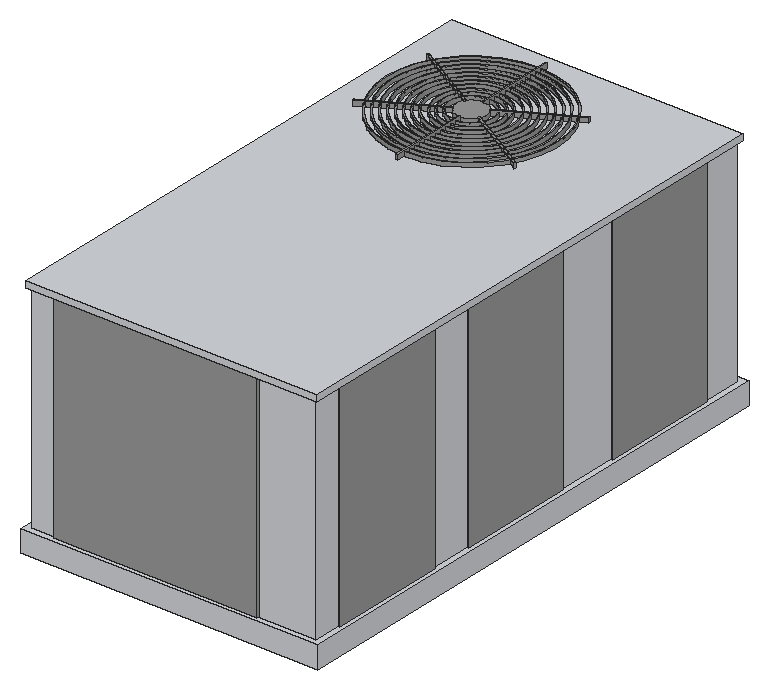
Revit family "RTU-2", category Mechanical Equipment, host Face, Revit 2025 (continued)
Definition of nested family "Family1"
  Automatic sketch dimensions
    Extrusion 16 sketch curve to Extrusion 16 sketch curve = 1.06726"
    Extrusion 16 sketch curve to Extrusion 16 sketch curve = 0"
    Extrusion 17 sketch curve to plane 39 = 0"
    Extrusion 17 sketch curve to plane 40 = 0"  (x2)
    Extrusion 17 sketch curve to plane 39 = 0.18274"
    Extrusion 17 sketch curve to Extrusion 17 sketch curve = 0.06651"  (x2)
    plane 40 to Extrusion 17 sketch curve = 0.45496"
    Extrusion 17 sketch curve to plane 40 = 0.38845"
    Extrusion 17 sketch curve to Extrusion 17 sketch curve = 1.06726"
    Extrusion 17 sketch curve to Extrusion 17 sketch curve = 0"
    Extrusion 18 sketch curve to plane 41 = 0"
    Extrusion 18 sketch curve to plane 42 = 0"  (x2)
    Extrusion 18 sketch curve to plane 41 = 0.18274"
    Extrusion 18 sketch curve to Extrusion 18 sketch curve = 0.06651"  (x2)
    plane 42 to Extrusion 18 sketch curve = 0.45496"
    Extrusion 18 sketch curve to plane 42 = 0.38845"
    Extrusion 18 sketch curve to Extrusion 18 sketch curve = 1.06726"
    Extrusion 18 sketch curve to Extrusion 18 sketch curve = 0"
    Extrusion 19 sketch curve to plane 43 = 0"
    Extrusion 19 sketch curve to plane 44 = 0"  (x2)
    Extrusion 19 sketch curve to plane 43 = 0.18274"
    Extrusion 19 sketch curve to Extrusion 19 sketch curve = 0.06651"  (x2)
    plane 44 to Extrusion 19 sketch curve = 0.45496"
    Extrusion 19 sketch curve to plane 44 = 0.38845"
    Extrusion 19 sketch curve to Extrusion 19 sketch curve = 1.06726"
    Extrusion 19 sketch curve to Extrusion 19 sketch curve = 0"
    Extrusion 20 sketch curve to plane 45 = 0"
    Extrusion 20 sketch curve to plane 46 = 0"  (x2)
    Extrusion 20 sketch curve to plane 45 = 0.18274"
    Extrusion 20 sketch curve to Extrusion 20 sketch curve = 0.06651"  (x2)
    plane 46 to Extrusion 20 sketch curve = 0.45496"
    Extrusion 20 sketch curve to plane 46 = 0.38845"
    Extrusion 20 sketch curve to Extrusion 20 sketch curve = 1.06726"
    Extrusion 20 sketch curve to Extrusion 20 sketch curve = 0"
    Extrusion 21 sketch curve to plane 47 = 0"
    Extrusion 21 sketch curve to plane 48 = 0"  (x2)
    Extrusion 21 sketch curve to plane 47 = 0.18274"
    Extrusion 21 sketch curve to Extrusion 21 sketch curve = 0.06651"  (x2)
    plane 48 to Extrusion 21 sketch curve = 0.45496"
    Extrusion 21 sketch curve to plane 48 = 0.38845"
    Extrusion 21 sketch curve to Extrusion 21 sketch curve = 1.06726"
    Extrusion 21 sketch curve to Extrusion 21 sketch curve = 0"
    Extrusion 22 sketch curve to plane 49 = 0"
    Extrusion 22 sketch curve to plane 50 = 0"  (x2)
    Extrusion 22 sketch curve to plane 49 = 0.18274"
    Extrusion 22 sketch curve to Extrusion 22 sketch curve = 0.06651"  (x2)
    plane 50 to Extrusion 22 sketch curve = 0.45496"
    Extrusion 22 sketch curve to plane 50 = 0.38845"
    Extrusion 22 sketch curve to Extrusion 22 sketch curve = 1.06726"
    Extrusion 22 sketch curve to Extrusion 22 sketch curve = 0"
    Extrusion 23 sketch curve to plane 51 = 0"
    Extrusion 23 sketch curve to plane 52 = 0"  (x2)
    Extrusion 23 sketch curve to plane 51 = 0.18274"
    Extrusion 23 sketch curve to Extrusion 23 sketch curve = 0.06651"  (x2)
    plane 52 to Extrusion 23 sketch curve = 0.45496"
    Extrusion 23 sketch curve to plane 52 = 0.38845"
    Extrusion 23 sketch curve to Extrusion 23 sketch curve = 1.06726"
    Extrusion 23 sketch curve to Extrusion 23 sketch curve = 0"
    Extrusion 24 sketch curve to plane 53 = 0"
    Extrusion 24 sketch curve to plane 54 = 0"  (x2)
    Extrusion 24 sketch curve to plane 53 = 0.18274"
    Extrusion 24 sketch curve to Extrusion 24 sketch curve = 0.06651"  (x2)
    plane 54 to Extrusion 24 sketch curve = 0.45496"
    Extrusion 24 sketch curve to plane 54 = 0.38845"
    Extrusion 24 sketch curve to Extrusion 24 sketch curve = 1.06726"
    Extrusion 24 sketch curve to Extrusion 24 sketch curve = 0"
    Extrusion 25 sketch curve to plane 55 = 0"
    Extrusion 25 sketch curve to plane 56 = 0"  (x2)
    Extrusion 25 sketch curve to plane 55 = 0.18274"
    Extrusion 25 sketch curve to Extrusion 25 sketch curve = 0.06651"  (x2)
    plane 56 to Extrusion 25 sketch curve = 0.45496"
    Extrusion 25 sketch curve to plane 56 = 0.38845"
    Extrusion 25 sketch curve to Extrusion 25 sketch curve = 1.06726"
    Extrusion 25 sketch curve to Extrusion 25 sketch curve = 0"
    Extrusion 26 sketch curve to plane 57 = 0"
    Extrusion 26 sketch curve to plane 58 = 0"  (x2)
    Extrusion 26 sketch curve to plane 57 = 0.18274"
    Extrusion 26 sketch curve to Extrusion 26 sketch curve = 0.06651"  (x2)
    plane 58 to Extrusion 26 sketch curve = 0.45496"
    Extrusion 26 sketch curve to plane 58 = 0.38845"
    Extrusion 26 sketch curve to Extrusion 26 sketch curve = 1.06726"
    Extrusion 26 sketch curve to Extrusion 26 sketch curve = 0"
    Extrusion 27 sketch curve to plane 59 = 0"
    Extrusion 27 sketch curve to plane 60 = 0"  (x2)
    Extrusion 27 sketch curve to plane 59 = 0.18274"
    Extrusion 27 sketch curve to Extrusion 27 sketch curve = 0.06651"  (x2)
    plane 60 to Extrusion 27 sketch curve = 0.45496"
    Extrusion 27 sketch curve to plane 60 = 0.38845"
    Extrusion 27 sketch curve to Extrusion 27 sketch curve = 1.06726"
    Extrusion 27 sketch curve to Extrusion 27 sketch curve = 0"
    Extrusion 28 sketch curve to plane 61 = 0"
    Extrusion 28 sketch curve to plane 62 = 0"  (x2)
    Extrusion 28 sketch curve to plane 61 = 0.18274"
    Extrusion 28 sketch curve to Extrusion 28 sketch curve = 0.06651"  (x2)
    plane 62 to Extrusion 28 sketch curve = 0.45496"
    Extrusion 28 sketch curve to plane 62 = 0.38845"
    Extrusion 28 sketch curve to Extrusion 28 sketch curve = 1.06726"
    Extrusion 28 sketch curve to Extrusion 28 sketch curve = 0"
    Extrusion 29 sketch curve to plane 63 = 0"
    Extrusion 29 sketch curve to plane 64 = 0"  (x2)
    Extrusion 29 sketch curve to plane 63 = 0.18274"
    Extrusion 29 sketch curve to Extrusion 29 sketch curve = 0.06651"  (x2)
    plane 64 to Extrusion 29 sketch curve = 0.45496"
    Extrusion 29 sketch curve to plane 64 = 0.38845"
    Extrusion 29 sketch curve to Extrusion 29 sketch curve = 1.06726"
    Extrusion 29 sketch curve to Extrusion 29 sketch curve = 0"
    Extrusion 30 sketch curve to plane 65 = 0"
    Extrusion 30 sketch curve to plane 66 = 0"  (x2)
    Extrusion 30 sketch curve to plane 65 = 0.18274"
    Extrusion 30 sketch curve to Extrusion 30 sketch curve = 0.06651"  (x2)
    plane 66 to Extrusion 30 sketch curve = 0.45496"
    Extrusion 30 sketch curve to plane 66 = 0.38845"
    Extrusion 30 sketch curve to Extrusion 30 sketch curve = 1.06726"
    Extrusion 30 sketch curve to Extrusion 30 sketch curve = 0"
    Extrusion 31 sketch curve to plane 67 = 0"
    Extrusion 31 sketch curve to plane 68 = 0"  (x2)
    Extrusion 31 sketch curve to plane 67 = 0.18274"
    Extrusion 31 sketch curve to Extrusion 31 sketch curve = 0.06651"  (x2)
    plane 68 to Extrusion 31 sketch curve = 0.45496"
    Extrusion 31 sketch curve to plane 68 = 0.38845"
    Extrusion 31 sketch curve to Extrusion 31 sketch curve = 1.06726"
    Extrusion 31 sketch curve to Extrusion 31 sketch curve = 0"
    Extrusion 32 sketch curve to plane 69 = 0"
    Extrusion 32 sketch curve to plane 70 = 0"  (x2)
    Extrusion 32 sketch curve to plane 69 = 0.18274"
    Extrusion 32 sketch curve to Extrusion 32 sketch curve = 0.06651"  (x2)
    plane 70 to Extrusion 32 sketch curve = 0.45496"
    Extrusion 32 sketch curve to plane 70 = 0.38845"
    Extrusion 32 sketch curve to Extrusion 32 sketch curve = 1.06726"
    Extrusion 32 sketch curve to Extrusion 32 sketch curve = 0"
    Extrusion 33 sketch curve to plane 71 = 0"
    Extrusion 33 sketch curve to plane 72 = 0"  (x2)
    Extrusion 33 sketch curve to plane 71 = 0.18274"
    Extrusion 33 sketch curve to Extrusion 33 sketch curve = 0.06651"  (x2)
    plane 72 to Extrusion 33 sketch curve = 0.45496"
    Extrusion 33 sketch curve to plane 72 = 0.38845"
    Extrusion 33 sketch curve to Extrusion 33 sketch curve = 1.06726"
    Extrusion 33 sketch curve to Extrusion 33 sketch curve = 0"
    Extrusion 34 sketch curve to plane 73 = 0"
    Extrusion 34 sketch curve to plane 74 = 0"  (x2)
    Extrusion 34 sketch curve to plane 73 = 0.18274"
    Extrusion 34 sketch curve to Extrusion 34 sketch curve = 0.06651"  (x2)
    plane 74 to Extrusion 34 sketch curve = 0.45496"
    Extrusion 34 sketch curve to plane 74 = 0.38845"
    Extrusion 34 sketch curve to Extrusion 34 sketch curve = 1.06726"
    Extrusion 34 sketch curve to Extrusion 34 sketch curve = 0"
    Extrusion 35 sketch curve to plane 75 = 0"
    Extrusion 35 sketch curve to plane 76 = 0"  (x2)
    Extrusion 35 sketch curve to plane 75 = 0.18274"
    Extrusion 35 sketch curve to Extrusion 35 sketch curve = 0.06651"  (x2)
    plane 76 to Extrusion 35 sketch curve = 0.45496"
    Extrusion 35 sketch curve to plane 76 = 0.38845"
    Extrusion 35 sketch curve to Extrusion 35 sketch curve = 1.06726"
    Extrusion 35 sketch curve to Extrusion 35 sketch curve = 0"
    Extrusion 36 sketch curve to plane 77 = 0"
    Extrusion 36 sketch curve to plane 78 = 0"  (x2)
    Extrusion 36 sketch curve to plane 77 = 0.18274"
    Extrusion 36 sketch curve to Extrusion 36 sketch curve = 0.06651"  (x2)
    plane 78 to Extrusion 36 sketch curve = 0.45496"
    Extrusion 36 sketch curve to plane 78 = 0.38845"
    Extrusion 36 sketch curve to Extrusion 36 sketch curve = 1.06726"
    Extrusion 36 sketch curve to Extrusion 36 sketch curve = 0"
    Extrusion 37 sketch curve to plane 79 = 0"
    Extrusion 37 sketch curve to plane 80 = 0"  (x2)
    Extrusion 37 sketch curve to plane 79 = 0.18274"
    Extrusion 37 sketch curve to Extrusion 37 sketch curve = 0.06651"  (x2)
    plane 80 to Extrusion 37 sketch curve = 0.45496"
    Extrusion 37 sketch curve to plane 80 = 0.38845"
    Extrusion 37 sketch curve to Extrusion 37 sketch curve = 1.06726"
    Extrusion 37 sketch curve to Extrusion 37 sketch curve = 0"
    Extrusion 38 sketch curve to plane 81 = 0"
    Extrusion 38 sketch curve to plane 82 = 0"  (x2)
    Extrusion 38 sketch curve to plane 81 = 0.18274"
    Extrusion 38 sketch curve to Extrusion 38 sketch curve = 0.06651"  (x2)
    plane 82 to Extrusion 38 sketch curve = 0.45496"
    Extrusion 38 sketch curve to plane 82 = 0.38845"
    Extrusion 38 sketch curve to Extrusion 38 sketch curve = 1.06726"
    Extrusion 38 sketch curve to Extrusion 38 sketch curve = 0"
    Extrusion 39 sketch curve to plane 83 = 0"
    Extrusion 39 sketch curve to plane 84 = 0"  (x2)
    Extrusion 39 sketch curve to plane 83 = 0.18274"
    Extrusion 39 sketch curve to Extrusion 39 sketch curve = 0.06651"  (x2)
    plane 84 to Extrusion 39 sketch curve = 0.45496"
    Extrusion 39 sketch curve to plane 84 = 0.38845"
    Extrusion 39 sketch curve to Extrusion 39 sketch curve = 1.06726"
    Extrusion 39 sketch curve to Extrusion 39 sketch curve = 0"
    Extrusion 40 sketch curve to plane 85 = 0"
    Extrusion 40 sketch curve to plane 86 = 0"  (x2)
    Extrusion 40 sketch curve to plane 85 = 0.18274"
    Extrusion 40 sketch curve to Extrusion 40 sketch curve = 0.06651"  (x2)
    plane 86 to Extrusion 40 sketch curve = 0.45496"
    Extrusion 40 sketch curve to plane 86 = 0.38845"
    Extrusion 40 sketch curve to Extrusion 40 sketch curve = 1.06726"
    Extrusion 40 sketch curve to Extrusion 40 sketch curve = 0"
    Extrusion 41 sketch curve to plane 87 = 0"
    Extrusion 41 sketch curve to plane 88 = 0"  (x2)
    Extrusion 41 sketch curve to plane 87 = 0.18274"
    Extrusion 41 sketch curve to Extrusion 41 sketch curve = 0.06651"  (x2)
    plane 88 to Extrusion 41 sketch curve = 0.45496"
    Extrusion 41 sketch curve to plane 88 = 0.38845"
    Extrusion 41 sketch curve to Extrusion 41 sketch curve = 1.06726"
    Extrusion 41 sketch curve to Extrusion 41 sketch curve = 0"
    Extrusion 42 sketch curve to plane 89 = 0"
    Extrusion 42 sketch curve to plane 90 = 0"  (x2)
    Extrusion 42 sketch curve to plane 89 = 0.18274"
    Extrusion 42 sketch curve to Extrusion 42 sketch curve = 0.06651"  (x2)
    plane 90 to Extrusion 42 sketch curve = 0.45496"
    Extrusion 42 sketch curve to plane 90 = 0.38845"
    Extrusion 42 sketch curve to Extrusion 42 sketch curve = 1.06726"
    Extrusion 42 sketch curve to Extrusion 42 sketch curve = 0"
    Extrusion 43 sketch curve to plane 91 = 0"
    Extrusion 43 sketch curve to plane 92 = 0"  (x2)
    Extrusion 43 sketch curve to plane 91 = 0.18274"
    Extrusion 43 sketch curve to Extrusion 43 sketch curve = 0.06651"  (x2)
    plane 92 to Extrusion 43 sketch curve = 0.45496"
    Extrusion 43 sketch curve to plane 92 = 0.38845"
    Extrusion 43 sketch curve to Extrusion 43 sketch curve = 1.06726"
    Extrusion 43 sketch curve to Extrusion 43 sketch curve = 0"
    Extrusion 44 sketch curve to plane 93 = 0"
    Extrusion 44 sketch curve to plane 94 = 0"  (x2)
    Extrusion 44 sketch curve to plane 93 = 0.18274"
    Extrusion 44 sketch curve to Extrusion 44 sketch curve = 0.06651"  (x2)
    plane 94 to Extrusion 44 sketch curve = 0.45496"
    Extrusion 44 sketch curve to plane 94 = 0.38845"
    Extrusion 44 sketch curve to Extrusion 44 sketch curve = 1.06726"
    Extrusion 44 sketch curve to Extrusion 44 sketch curve = 0"
    Extrusion 45 sketch curve to plane 95 = 0"
    Extrusion 45 sketch curve to plane 96 = 0"  (x2)
    Extrusion 45 sketch curve to plane 95 = 0.18274"
    Extrusion 45 sketch curve to Extrusion 45 sketch curve = 0.06651"  (x2)
    plane 96 to Extrusion 45 sketch curve = 0.45496"
    Extrusion 45 sketch curve to plane 96 = 0.38845"
    Extrusion 45 sketch curve to Extrusion 45 sketch curve = 1.06726"
    Extrusion 45 sketch curve to Extrusion 45 sketch curve = 0"
    Extrusion 46 sketch curve to plane 97 = 0"
    Extrusion 46 sketch curve to plane 98 = 0"  (x2)
    Extrusion 46 sketch curve to plane 97 = 0.18274"
    Extrusion 46 sketch curve to Extrusion 46 sketch curve = 0.06651"  (x2)
    plane 98 to Extrusion 46 sketch curve = 0.45496"
    Extrusion 46 sketch curve to plane 98 = 0.38845"
    Extrusion 46 sketch curve to Extrusion 46 sketch curve = 1.06726"
    Extrusion 46 sketch curve to Extrusion 46 sketch curve = 0"
    Extrusion 47 sketch curve to plane 99 = 0"
    Extrusion 47 sketch curve to plane 100 = 0"  (x2)
    Extrusion 47 sketch curve to plane 99 = 0.18274"
    Extrusion 47 sketch curve to Extrusion 47 sketch curve = 0.06651"  (x2)
    plane 100 to Extrusion 47 sketch curve = 0.45496"
    Extrusion 47 sketch curve to plane 100 = 0.38845"
    Extrusion 47 sketch curve to Extrusion 47 sketch curve = 1.06726"
    Extrusion 47 sketch curve to Extrusion 47 sketch curve = 0"
    Extrusion 48 sketch curve to plane 101 = 0"
    Extrusion 48 sketch curve to plane 102 = 0"  (x2)
    Extrusion 48 sketch curve to plane 101 = 0.18274"
    Extrusion 48 sketch curve to Extrusion 48 sketch curve = 0.06651"  (x2)
    plane 102 to Extrusion 48 sketch curve = 0.45496"
    Extrusion 48 sketch curve to plane 102 = 0.38845"
    Extrusion 48 sketch curve to Extrusion 48 sketch curve = 1.06726"
    Extrusion 48 sketch curve to Extrusion 48 sketch curve = 0"
    Extrusion 49 sketch curve to plane 103 = 0"
    Extrusion 49 sketch curve to plane 104 = 0"  (x2)
    Extrusion 49 sketch curve to plane 103 = 0.18274"
    Extrusion 49 sketch curve to Extrusion 49 sketch curve = 0.06651"  (x2)
    plane 104 to Extrusion 49 sketch curve = 0.45496"
    Extrusion 49 sketch curve to plane 104 = 0.38845"
    Extrusion 49 sketch curve to Extrusion 49 sketch curve = 1.06726"
    Extrusion 49 sketch curve to Extrusion 49 sketch curve = 0"
    Extrusion 50 sketch curve to plane 105 = 0"
    Extrusion 50 sketch curve to plane 106 = 0"  (x2)
    Extrusion 50 sketch curve to plane 105 = 0.18274"
    Extrusion 50 sketch curve to Extrusion 50 sketch curve = 0.06651"  (x2)
    plane 106 to Extrusion 50 sketch curve = 0.45496"
    Extrusion 50 sketch curve to plane 106 = 0.38845"
    Extrusion 50 sketch curve to Extrusion 50 sketch curve = 1.06726"
    Extrusion 50 sketch curve to Extrusion 50 sketch curve = 0"
    Extrusion 51 sketch curve to plane 107 = 0"
    Extrusion 51 sketch curve to plane 108 = 0"  (x2)
    Extrusion 51 sketch curve to plane 107 = 0.18274"
    Extrusion 51 sketch curve to Extrusion 51 sketch curve = 0.06651"  (x2)
    plane 108 to Extrusion 51 sketch curve = 0.45496"
    Extrusion 51 sketch curve to plane 108 = 0.38845"
    Extrusion 51 sketch curve to Extrusion 51 sketch curve = 1.06726"
    Extrusion 51 sketch curve to Extrusion 51 sketch curve = 0"
    Extrusion 52 sketch curve to plane 109 = 0"
    Extrusion 52 sketch curve to plane 110 = 0"  (x2)
    Extrusion 52 sketch curve to plane 109 = 0.18274"
    Extrusion 52 sketch curve to Extrusion 52 sketch curve = 0.06651"  (x2)
    plane 110 to Extrusion 52 sketch curve = 0.45496"
    Extrusion 52 sketch curve to plane 110 = 0.38845"
    Extrusion 52 sketch curve to Extrusion 52 sketch curve = 1.06726"
    Extrusion 52 sketch curve to Extrusion 52 sketch curve = 0"
    Extrusion 53 sketch curve to plane 111 = 0"
    Extrusion 53 sketch curve to plane 112 = 0"  (x2)
    Extrusion 53 sketch curve to plane 111 = 0.18274"
    Extrusion 53 sketch curve to Extrusion 53 sketch curve = 0.06651"  (x2)
    plane 112 to Extrusion 53 sketch curve = 0.45496"
    Extrusion 53 sketch curve to plane 112 = 0.38845"
    Extrusion 53 sketch curve to Extrusion 53 sketch curve = 1.06726"
    Extrusion 53 sketch curve to Extrusion 53 sketch curve = 0"
    Extrusion 54 sketch curve to plane 113 = 0"
    Extrusion 54 sketch curve to plane 114 = 0"  (x2)
    Extrusion 54 sketch curve to plane 113 = 0.18274"
    Extrusion 54 sketch curve to Extrusion 54 sketch curve = 0.06651"  (x2)
    plane 114 to Extrusion 54 sketch curve = 0.45496"
    Extrusion 54 sketch curve to plane 114 = 0.38845"
    Extrusion 54 sketch curve to Extrusion 54 sketch curve = 1.06726"
    Extrusion 54 sketch curve to Extrusion 54 sketch curve = 0"
    Extrusion 55 sketch curve to plane 115 = 0"
    Extrusion 55 sketch curve to plane 116 = 0"  (x2)
    Extrusion 55 sketch curve to plane 115 = 0.18274"
    Extrusion 55 sketch curve to Extrusion 55 sketch curve = 0.06651"  (x2)
    plane 116 to Extrusion 55 sketch curve = 0.45496"
    Extrusion 55 sketch curve to plane 116 = 0.38845"
    Extrusion 55 sketch curve to Extrusion 55 sketch curve = 1.06726"
    Extrusion 55 sketch curve to Extrusion 55 sketch curve = 0"
    Extrusion 56 sketch curve to plane 117 = 0"
    Extrusion 56 sketch curve to plane 118 = 0"  (x2)
    Extrusion 56 sketch curve to plane 117 = 0.18274"
    Extrusion 56 sketch curve to Extrusion 56 sketch curve = 0.06651"  (x2)
    plane 118 to Extrusion 56 sketch curve = 0.45496"
    Extrusion 56 sketch curve to plane 118 = 0.38845"
    Extrusion 56 sketch curve to Extrusion 56 sketch curve = 1.06726"
    Extrusion 56 sketch curve to Extrusion 56 sketch curve = 0"
